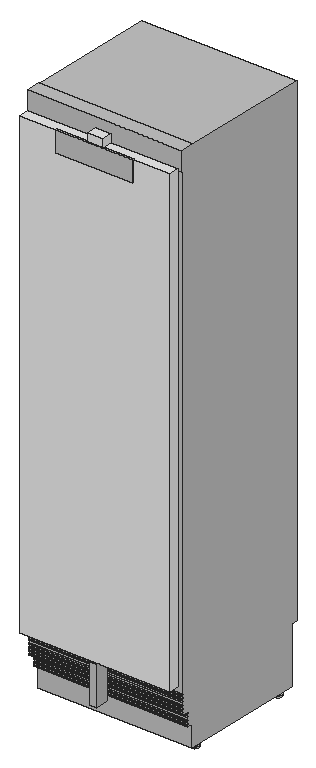
Revit family "FP_Revit_18_RS6121SRK1_Fridge_90001104A", category Specialty Equipment, Revit 2018
Family settings
  Round Connector Dimension = Use Diameter
  Part Type = Normal
  OmniClass Number = 23.40.40.11.11
  OmniClass Title = Refrigerators and Freezers
  Work Plane-Based = No
  Always vertical = Yes
  Cut with Voids When Loaded = Yes
  Shared = No
  Room Calculation Point = No
Parameters (values of type "RS6121SRK1")
  Visibility - Water Connection = no
  Visibility - Visibility Control Note = yes
  Visibility - Clearance Required = yes
  URL = "www.fisherpaykel.com"
  Stainless Steel Door Panels (RD6121R10D) = no
  Product - Width = 603 mm  # constant formula
  Product - Height = 2134 mm  # constant formula
  Product - Depth (exl front panel) = 610 mm  # constant formula
  Model = "RS6121SRK1"
  Material - Handle = Fisher & Paykel - Aluminium
  Material - Door Structure = Fisher & Paykel - White
  Material - Door Front = Fisher & Paykel - Stainless Steel
  Material - Body = Fisher & Paykel - Grey
  Manufacturer = "Fisher & Paykel Appliances"
  Handle Style - Contemporary Square (AHD3-RD21) = no
  Handle Style - Contemporary Round (AHS-RD21) = no
  Description = "61cm Integrated Column Refrigerator, stainless steel interior"
  Connector Description - Water = "Water Supply not required"
  Connector Description - Electrical = "230 V, 10 amp fused electrical supply"
  Cavity - Width = 610 mm  # constant formula
  Cavity - Height = 2134 mm  # constant formula
  Cavity - Depth = 650 mm  # constant formula
Types (3, lengths in mm): name | Visibility - Water Connection | Model | Description | Connector Description - Water
  (no name) | no | "RS6121SRK1" | "61cm Integrated Column Refrigerator, stainless steel interior" | "Water Supply not required"
  RS6121SRK1 | no | "RS6121SRK1" | "61cm Integrated Column Refrigerator, stainless steel interior" | "Water Supply not required"
  RS6121SRHK1 | yes | "RS6121SRHK1" | "61cm Integrated Column Refrigerator with internal water, stainless steel interior" | "1/2 BSP Stainless steel braided hose"
Reference planes
  plane 1 "Datum": y = 0
  plane 2: z = 0
  plane 3 "Center (Left/Right)": x = 0
  plane 4 "Product LHS": x = -301.5
  plane 5 "Product RHS": x = 301.5
  plane 6 "Product - Depth": y = 610
  plane 7 "Cavity LHS": x = -305
  plane 8 "Cavity RHS": x = 305
  plane 9 "Cavity - Depth": y = 628
  plane 10 "Handle Offset": x = -238.5
  plane 11 "Product Height": z = 2134
  plane 12 "Cavity Height": z = 2134
  plane 13 "Door Panel Datum": y = -4.1
Forms (mm)
  Extrusion 1, solid, material "Fisher & Paykel - Grey" <- "Material - Body", detail levels fine
    sketch origin (0, 0, 0) x (0, 1, 0) y (0, 0, 1)
      loop
        line (100.1, 19.1) -> (587.9, 19.1) -> (587.9, 239.7) -> (610, 239.7) -> (610, 2131.9) -> (105.1, 2131.9) -> (105.1, 2134) -> (49.9, 2134) -> (49.9, 2059) -> (56, 2059) -> (56, 228.6) -> (59.5, 228.6) -> (59.5, 219.7) -> (56.5, 219.7) -> (56.5, 215.9) -> (59.5, 215.9) -> (59.5, 207) -> (56.5, 207) -> (56.5, 203.2) -> (59.5, 203.2) -> (59.5, 194.3) -> (56.5, 194.3) -> (56.5, 190.5) -> (59.5, 190.5) -> (59.5, 181.6) -> (56.5, 181.6) -> (56.5, 177.8) -> (59.5, 177.8) -> (59.5, 168.9) -> (56.5, 168.9) -> (56.5, 165.1) -> (59.5, 165.1) -> (59.5, 156.2) -> (56.5, 156.2) -> (56.5, 152.4) -> (84.1, 152.4) -> (84.1, 143.5) -> (81.1, 143.5) -> (81.1, 139.7) -> (84.1, 139.7) -> (84.1, 130.8) -> (81.1, 130.8) -> (81.1, 127) -> (84.1, 127) -> (84.1, 118.1) -> (81.1, 118.1) -> (81.1, 114.3) -> (84.1, 114.3) -> (84.1, 105.4) -> (81.1, 105.4) -> (81.1, 101.6) -> (100.1, 101.6) -> (100.1, 19.1)
    from -301.5 to 301.5
  Extrusion 2, solid, material "Fisher & Paykel - Grey" <- "Material - Body"
    sketch origin (0, 0, 0) x (1, 0, 0) y (0, 1, 0)
      loop
        circle (-281, 547.8) r 4.1
      loop
        circle (-281, 141.8) r 4.1
      loop
        circle (281, 547.8) r 4.1
      loop
        circle (281, 141.8) r 4.1
    from 3 to 19.1
  Extrusion 3, solid, material "Fisher & Paykel - Grey" <- "Material - Body"
    sketch origin (0, 0, 0) x (1, 0, 0) y (0, 1, 0)
      loop
        circle (-281, 547.8) r 14.5
      loop
        circle (-281, 141.8) r 14.555
      loop
        circle (281, 547.8) r 14.5
      loop
        circle (281, 141.8) r 14.555
    from 0 to 3
  Extrusion 4, solid, material "Fisher & Paykel - Grey" <- "Material - Body", detail levels fine
    sketch origin (0, 0, 0) x (1, 0, 0) y (0, 1, 0)
      loop
        line (-7.5, 49) -> (-13.797, -4.1) -> (13.797, -4.1) -> (7.5, 49) -> (-7.5, 49)
    from 104.2 to 254.2
  Extrusion 5, solid, material "Fisher & Paykel - Grey" <- "Material - Body", not visible, detail levels fine
    sketch origin (0, 0, 0) x (1, 0, 0) y (0, 0, 1)
      loop
        line (289.9, 2123.15) -> (95.42, 2123.15) -> (95.42, 2081.05) -> (289.9, 2081.05) -> (289.9, 2123.15)
    from -49 to -2.5
  Extrusion 6, solid, material "Fisher & Paykel - Grey" <- "Material - Body", detail levels fine
    sketch origin (0, 0, 0) x (0, 1, 0) y (0, 0, 1)
      loop
        line (0, 2070.6) -> (0, 1988.6) -> (2, 1988.6) -> (2, 2068.6) -> (4, 2068.6) -> (4, 2070.6) -> (0, 2070.6)
    from -150 to 150
  Extrusion 7, solid, material "Fisher & Paykel - Grey" <- "Material - Body"
    sketch origin (0, 0, 0) x (1, 0, 0) y (0, 0, 1)
      loop
        circle (226.5, 119.813) r 5
      loop
        circle (-226.5, 119.813) r 5
    from -590 to -587.9
  Extrusion 8, solid, material "Fisher & Paykel - White" <- "Material - Door Structure"
    sketch origin (0, 0, 0) x (1, 0, 0) y (0, 1, 0)
      loop
        line (-276.5, 56) -> (-276.5, 42) -> (276.5, 42) -> (276.5, 56) -> (-276.5, 56)
    from 269.6 to 2030.7
  Extrusion 9, solid, material "Fisher & Paykel - White" <- "Material - Door Structure"
    sketch origin (0, 0, 0) x (1, 0, 0) y (0, 1, 0)
      loop
        line (-292.9, 42) -> (-292.9, 3) -> (292.9, 3) -> (292.9, 42) -> (-292.9, 42)
    from 254.2 to 2068.6
  Extrusion 10, solid, material "Fisher & Paykel - White" <- "Material - Door Structure", detail levels fine
    sketch origin (0, 0, 0) x (1, 0, 0) y (0, 0, 1)
      loop
        line (-29.5, 2100.1) -> (-29.5, 2068.6) -> (29.5, 2068.6) -> (29.5, 2100.1) -> (-29.5, 2100.1)
    from -42 to -3
  Extrusion 11, solid, material "Fisher & Paykel - Stainless Steel" <- "Material - Door Front", visible <- "Stainless Steel Door Panels (RD6121R10D)"
    sketch origin (0, 0, 0) x (0, 1, 0) y (0, 0, 1)
      loop
        line (-22.1, 2130.8) -> (-22.1, 102) -> (-4.1, 102) -> (-4.1, 2130.8) -> (-22.1, 2130.8)
    from -301.5 to 301.5
  Extrusion 12, solid, material "Fisher & Paykel - Grey" <- "Material - Body", detail levels coarse+medium
    sketch origin (0, 0, 0) x (0, 1, 0) y (0, 0, 1)
      loop
        line (49.9, 2134) -> (49.9, 2059) -> (56, 2059) -> (56, 152.4) -> (81.1, 152.4) -> (81.1, 101.6) -> (100.1, 101.6) -> (100.1, 19.1) -> (587.9, 19.1) -> (587.9, 239.7) -> (610, 239.7) -> (610, 2134) -> (49.9, 2134)
    from -301.5 to 301.5
  Extrusion 13, solid, material "Fisher & Paykel - Clearance Required", visible <- "Visibility - Clearance Required", detail levels coarse
    sketch origin (0, 0, 0) x (1, 0, 0) y (0, 1, 0)
      loop
        arc (-301.5, -22.1) -> (-13.376, -547.171) -> (584.28, -586.183) r 622.5
        line (584.28, -586.183) -> (565.051, -544.946) -> (589.549, -533.523)
        arc (589.549, -533.523) -> (598.013, -510.267) -> (574.757, -501.802) r 17.5
        line (574.757, -501.802) -> (550.259, -513.225) -> (329.441, -39.678)
        arc (329.441, -39.678) -> (310.616, -38.605) -> (301.5, -22.1) r 19.5
        line (301.5, -22.1) -> (-301.5, -22.1)
    from 0 to 2134
  Extrusion 14, solid, material "Fisher & Paykel - Grey" <- "Material - Body", not visible, detail levels fine
    sketch origin (0, 0, 0) x (1, 0, 0) y (0, 0, 1)
      loop
        line (289.9, 187.65) -> (289.9, 229.75) -> (95.42, 229.75) -> (95.42, 187.65) -> (289.9, 187.65)
    from -56 to -2.5
  Extrusion 15, solid, material "Fisher & Paykel - Grey" <- "Material - Body", detail levels fine
    sketch origin (0, 0, -4) x (0, 1, 0) y (0, 0, 1)
      loop
        arc (163.888, 23.1) -> (180.4, 13.63) -> (196.912, 23.1) r 19.13
        line (196.912, 23.1) -> (163.888, 23.1)
      loop
        arc (493.888, 23.1) -> (510.4, 13.63) -> (526.912, 23.1) r 19.13
        line (526.912, 23.1) -> (493.888, 23.1)
    from 191 to 219
  Extrusion 16, solid, material "Fisher & Paykel - Grey" <- "Material - Body", detail levels fine
    sketch origin (0, 0, -4) x (0, 1, 0) y (0, 0, -1)
      loop
        line (163.888, -23.1) -> (196.912, -23.1)
        arc (196.912, -23.1) -> (180.4, -13.63) -> (163.888, -23.1) r 19.13
      loop
        line (493.888, -23.1) -> (526.912, -23.1)
        arc (526.912, -23.1) -> (510.4, -13.63) -> (493.888, -23.1) r 19.13
    from 191 to 219
  Extrusion 17, solid, material "Fisher & Paykel - Clearance Required", visible <- "Visibility - Clearance Required", detail levels coarse
    sketch origin (0, 0, 0) x (1, 0, 0) y (0, 1, 0)
      loop
        line (-305, 628) -> (-305, -4.1) -> (305, -4.1) -> (305, 628) -> (-305, 628)
    from 0 to 2134
  Extrusion 18, void
    sketch origin (0, 0, 0) x (1, 0, 0) y (0, 1, 0)
      loop
        line (-305, 628) -> (-305, -22) -> (305, -22) -> (305, 628) -> (-305, 628)
    from 0 to 2134
  Extrusion 19, solid, material "Fisher & Paykel - Grey" <- "Material - Body", not visible, detail levels fine
    sketch origin (0, 0, 0) x (1, 0, 0) y (0, 0, 1)
      loop
        line (118.4, 254.2) -> (118.4, 229.75) -> (282.9, 229.75) -> (282.9, 254.2) -> (118.4, 254.2)
      loop
        line (106, 2081.05) -> (106, 2068.6) -> (282.9, 2068.6) -> (282.9, 2076.05) -> (242.9, 2081.05) -> (106, 2081.05)
    from -7 to -4
Lines and regions (mm)
  model lines, style "Fisher & Paykel"
    curve 1: line (-301.5, -4.1, 2130.8) -> (301.5, -4.1, 2130.8)
    curve 2: line (-301.5, -4.1, 102) -> (-301.5, -4.1, 2130.8)
    curve 3: line (301.5, -4.1, 102) -> (-301.5, -4.1, 102)
    curve 4: line (301.5, -4.1, 2130.8) -> (301.5, -4.1, 102)
Text (mm)
  text "Due to ongoing product development, product details are subject to change without notice. \nPlease always refer to www.fisherpaykel.com for the most current product information. \n© Fisher & Paykel 2020" at (41.04, -678.295, 0), in view "Ref. Level (Plan)"
Dimensions and locks
  equal spacing: plane 4 "Product LHS", plane 3 "Center (Left/Right)", plane 5 "Product RHS"
  "Product - Width": plane 4 "Product LHS" to plane 5 "Product RHS"
  "Product - Depth (exl front panel)": plane 1 "Datum" to plane 6 "Product - Depth"
  equal spacing: plane 7 "Cavity LHS", plane 3 "Center (Left/Right)", plane 8 "Cavity RHS"
  "Cavity - Width": plane 7 "Cavity LHS" to plane 8 "Cavity RHS"
  plane 4 "Product LHS" to Extrusion 2 sketch curve = 24.6 mm
  plane 4 "Product LHS" to plane 10 "Handle Offset" = 63 mm
  Extrusion 7 sketch curve to Extrusion 1 = 119.887 mm  (x2)
  Extrusion 7 sketch curve to plane 5 "Product RHS" = 75 mm
  plane 4 "Product LHS" to Extrusion 7 sketch curve = 75 mm
  Extrusion 1 sketch curve to Extrusion 1 sketch curve = 82.5 mm
  Extrusion 1 sketch curve to Extrusion 1 sketch curve = 209.5 mm
  Extrusion 3 to level = 3 mm
  Extrusion 12 to Extrusion 9 = 235.1 mm
  Extrusion 12 to Extrusion 8 = 250.5 mm
  Extrusion 12 to Extrusion 12 = 2114.9 mm
  Extrusion 12 to Extrusion 11 = 82.9 mm
  "Product - Height": level to plane 11 "Product Height"
  plane 11 "Product Height" to Extrusion 11 = 3.2 mm
  Extrusion 9 to plane 11 "Product Height" = 65.4 mm
  Extrusion 8 to plane 11 "Product Height" = 103.3 mm
  Extrusion 12 sketch curve to plane 11 "Product Height" = 75 mm
  Extrusion 1 sketch curve to plane 11 "Product Height" = 2.1 mm
  Extrusion 1 sketch curve to plane 11 "Product Height" = 75 mm
  "Cavity - Height": plane 12 "Cavity Height" to level
  plane 1 "Datum" to Extrusion 17 = 628 mm
  plane 1 "Datum" to Extrusion 18 = 628 mm
  Extrusion 19 sketch curve to Extrusion 19 sketch curve = 40 mm
  Extrusion 19 sketch curve to plane 3 "Center (Left/Right)" = 106 mm
  Extrusion 19 sketch curve to Extrusion 19 sketch curve = 176.9 mm
  Extrusion 19 sketch curve to plane 3 "Center (Left/Right)" = 118.4 mm
  plane 3 "Center (Left/Right)" to Extrusion 19 sketch curve = 282.9 mm
  "Cavity - Depth": Extrusion 18 to Extrusion 18
  Extrusion 18 to plane 1 "Datum" = 22 mm
  radius of Extrusion 7 sketch curve = 5 mm
  aligned and locked: level to plane 2
  aligned and locked: Extrusion 11 to plane 5 "Product RHS"
  aligned and locked: plane 4 "Product LHS" to Extrusion 11
  aligned and locked: Extrusion 12 to plane 5 "Product RHS"
  aligned and locked: Extrusion 12 to plane 4 "Product LHS"
  aligned and locked: Extrusion 12 sketch curve to plane 11 "Product Height"
  aligned and locked: plane 11 "Product Height" to Extrusion 1 sketch curve
  aligned and locked: Extrusion 15 sketch curve to Extrusion 15 sketch curve
  aligned and locked: Extrusion 16 sketch curve to Extrusion 16 sketch curve
  aligned and locked: Extrusion 17 to Extrusion 13
  aligned and locked: Extrusion 18 to Extrusion 13
  aligned and locked: Extrusion 1 to plane 5 "Product RHS"
  aligned and locked: plane 4 "Product LHS" to Extrusion 1
  aligned and locked: Extrusion 2 to Extrusion 1
  aligned and locked: nested 3 to plane 10 "Handle Offset"
  aligned and locked: nested 2 to plane 10 "Handle Offset"
Automatic sketch dimensions
  Extrusion 2 sketch curve to plane 4 "Product LHS" = 20.5 mm  (x2)
  plane 5 "Product RHS" to Extrusion 2 sketch curve = 20.5 mm  (x2)
  Extrusion 2 sketch curve to plane 1 "Datum" = 141.8 mm  (x2)
  Extrusion 2 sketch curve to plane 6 "Product - Depth" = 62.2 mm  (x2)
  Extrusion 3 sketch curve to plane 4 "Product LHS" = 20.5 mm  (x2)
  plane 5 "Product RHS" to Extrusion 3 sketch curve = 20.5 mm  (x2)
  Extrusion 3 sketch curve to plane 1 "Datum" = 141.8 mm  (x2)
  Extrusion 3 sketch curve to plane 6 "Product - Depth" = 62.2 mm  (x2)
  plane 1 "Datum" to Extrusion 4 sketch curve = 4.1 mm
  Extrusion 4 sketch curve to plane 3 "Center (Left/Right)" = 13.797 mm
  Extrusion 4 sketch curve to plane 3 "Center (Left/Right)" = 7.5 mm
  plane 3 "Center (Left/Right)" to Extrusion 4 sketch curve = 7.5 mm
  plane 3 "Center (Left/Right)" to Extrusion 4 sketch curve = 13.797 mm
  Extrusion 4 sketch curve to plane 1 "Datum" = 49 mm
  plane 11 "Product Height" to Extrusion 5 sketch curve = 10.85 mm
  plane 3 "Center (Left/Right)" to Extrusion 5 sketch curve = 95.42 mm
  plane 5 "Product RHS" to Extrusion 5 sketch curve = 11.6 mm
  Extrusion 5 sketch curve to Extrusion 5 sketch curve = 42.1 mm
  Extrusion 6 sketch curve to plane 1 "Datum" = 0 mm
  Extrusion 6 sketch curve to plane 1 "Datum" = 2 mm
  Extrusion 6 sketch curve to Extrusion 6 sketch curve = 2 mm  (x2)
  plane 11 "Product Height" to Extrusion 6 sketch curve = 145.4 mm
  plane 11 "Product Height" to Extrusion 6 sketch curve = 65.4 mm
  Extrusion 8 sketch curve to plane 4 "Product LHS" = 25 mm
  plane 5 "Product RHS" to Extrusion 8 sketch curve = 25 mm
  Extrusion 8 sketch curve to plane 1 "Datum" = 42 mm
  Extrusion 8 sketch curve to Extrusion 8 sketch curve = 14 mm
  Extrusion 9 sketch curve to plane 1 "Datum" = 3 mm
  Extrusion 9 sketch curve to plane 4 "Product LHS" = 8.6 mm
  plane 5 "Product RHS" to Extrusion 9 sketch curve = 8.6 mm
  Extrusion 9 sketch curve to Extrusion 9 sketch curve = 39 mm
  Extrusion 10 sketch curve to plane 3 "Center (Left/Right)" = 29.5 mm
  plane 3 "Center (Left/Right)" to Extrusion 10 sketch curve = 29.5 mm
  plane 11 "Product Height" to Extrusion 10 sketch curve = 65.4 mm
  Extrusion 10 sketch curve to Extrusion 10 sketch curve = 31.5 mm
  plane 1 "Datum" to Extrusion 11 sketch curve = 22.1 mm
  plane 1 "Datum" to Extrusion 11 sketch curve = 4.1 mm
  level to Extrusion 11 sketch curve = 102 mm
  plane 11 "Product Height" to Extrusion 11 sketch curve = 3.2 mm
  Extrusion 13 sketch curve to Extrusion 13 sketch curve = 0 mm  (x2)
  Extrusion 13 sketch curve to plane 4 "Product LHS" = 0 mm
  Extrusion 13 sketch curve to plane 5 "Product RHS" = 0 mm
  Extrusion 13 sketch curve to plane 8 "Cavity RHS" = 16 mm
  Extrusion 13 sketch curve to Extrusion 13 sketch curve = 8.441 mm
  Extrusion 13 sketch curve to plane 8 "Cavity RHS" = 245.259 mm
  Extrusion 13 sketch curve to Extrusion 13 sketch curve = 14.792 mm
  Extrusion 13 sketch curve to Extrusion 13 sketch curve = 24.498 mm
  Extrusion 13 sketch curve to Extrusion 13 sketch curve = 7.396 mm  (x2)
  Extrusion 13 sketch curve to Extrusion 13 sketch curve = 19.229 mm
  plane 1 "Datum" to Extrusion 13 sketch curve = 586.183 mm
  Extrusion 13 sketch curve to Extrusion 13 sketch curve = 41.237 mm
  Extrusion 13 sketch curve to Extrusion 13 sketch curve = 15.86 mm
  plane 3 "Center (Left/Right)" to Extrusion 14 sketch curve = 95.42 mm
  plane 5 "Product RHS" to Extrusion 14 sketch curve = 11.6 mm
  level to Extrusion 14 sketch curve = 187.65 mm
  Extrusion 14 sketch curve to Extrusion 14 sketch curve = 42.1 mm
  Extrusion 15 sketch curve to plane 1 "Datum" = 163.888 mm
  Extrusion 15 sketch curve to Extrusion 15 sketch curve = 16.512 mm  (x2)
  Extrusion 15 sketch curve to plane 6 "Product - Depth" = 116.112 mm
  Extrusion 15 sketch curve to Extrusion 15 sketch curve = 9.66 mm  (x2)
  Extrusion 16 sketch curve to plane 1 "Datum" = 163.888 mm
  Extrusion 16 sketch curve to Extrusion 16 sketch curve = 16.512 mm  (x2)
  Extrusion 16 sketch curve to plane 6 "Product - Depth" = 116.112 mm
  Extrusion 16 sketch curve to Extrusion 16 sketch curve = 9.66 mm  (x2)
  Extrusion 17 sketch curve to plane 7 "Cavity LHS" = 0 mm
  Extrusion 17 sketch curve to plane 8 "Cavity RHS" = 0 mm
  Extrusion 17 sketch curve to plane 9 "Cavity - Depth" = 0 mm
  plane 1 "Datum" to Extrusion 17 sketch curve = 4.1 mm
  Extrusion 18 sketch curve to plane 7 "Cavity LHS" = 0 mm
  Extrusion 18 sketch curve to plane 8 "Cavity RHS" = 0 mm
  plane 9 "Cavity - Depth" to Extrusion 18 sketch curve = 0 mm
  plane 1 "Datum" to Extrusion 18 sketch curve = 22 mm
  level to Extrusion 19 sketch curve = 229.75 mm
  Extrusion 19 sketch curve to Extrusion 19 sketch curve = 24.45 mm
  plane 11 "Product Height" to Extrusion 19 sketch curve = 65.4 mm
  Extrusion 19 sketch curve to Extrusion 19 sketch curve = 7.45 mm
  Extrusion 19 sketch curve to Extrusion 19 sketch curve = 5 mm
  Extrusion 12 sketch curve to plane 6 "Product - Depth" = 0 mm
  Extrusion 12 sketch curve to plane 6 "Product - Depth" = 22.1 mm
  Extrusion 12 sketch curve to plane 1 "Datum" = 100.1 mm
  Extrusion 12 sketch curve to Extrusion 12 sketch curve = 19 mm
  Extrusion 12 sketch curve to plane 1 "Datum" = 56 mm
  Extrusion 12 sketch curve to plane 1 "Datum" = 49.9 mm
  level to Extrusion 12 sketch curve = 152.4 mm
  Extrusion 12 sketch curve to Extrusion 12 sketch curve = 50.8 mm
  level to Extrusion 12 sketch curve = 19.1 mm
  Extrusion 12 sketch curve to Extrusion 12 sketch curve = 220.6 mm
  level to Extrusion 15 sketch curve = 19.1 mm
  level to Extrusion 16 sketch curve = 28.76 mm
  Extrusion 1 sketch curve to plane 6 "Product - Depth" = 0 mm
  Extrusion 1 sketch curve to Extrusion 1 sketch curve = 22.1 mm
  Extrusion 1 sketch curve to plane 1 "Datum" = 105.1 mm
  level to Extrusion 1 sketch curve = 19.1 mm
  Extrusion 1 sketch curve to plane 1 "Datum" = 100.1 mm
  Extrusion 1 sketch curve to Extrusion 1 sketch curve = 16 mm
  Extrusion 1 sketch curve to Extrusion 1 sketch curve = 0 mm  (x8)
  Extrusion 1 sketch curve to Extrusion 1 sketch curve = 3 mm  (x10)
  Extrusion 1 sketch curve to plane 1 "Datum" = 59.5 mm
  Extrusion 1 sketch curve to plane 1 "Datum" = 56 mm
  Extrusion 1 sketch curve to plane 1 "Datum" = 49.9 mm
  Extrusion 1 sketch curve to Extrusion 1 sketch curve = 3.8 mm  (x10)
  Extrusion 1 sketch curve to Extrusion 1 sketch curve = 8.9 mm  (x9)
  Extrusion 1 sketch curve to Extrusion 1 sketch curve = 220.6 mm
  plane 5 "Product RHS" to curve 1 = 0 mm
  plane 4 "Product LHS" to curve 3 = 0 mm
  level to curve 3 = 102 mm
  plane 11 "Product Height" to curve 2 = 3.2 mm
  radius of Extrusion 2 sketch curve = 4.1 mm  (x3)
  radius of Extrusion 3 sketch curve = 14.5 mm  (x2)
  radius of Extrusion 3 sketch curve = 14.555 mm  (x2)
  radius of Extrusion 7 sketch curve = 5 mm
Nested families
  nested 1: "Visibility Control Note 18" at (0, 0, 0), visible <- "Visibility - Visibility Control Note", type "Visibility Control Note 18"
  nested 2: "Handle Contemporary Round - Vertical" at (-238.5, -22.1, 1242.58), visible <- "Handle Style - Contemporary Round (AHS-RD21)", type "AHS-RD21 - Contemporary round handle (Vertical) 852mm"
  nested 3: "Handle Contemporary Square - Vertical" at (-238.5, -22.1, 1242.58), visible <- "Handle Style - Contemporary Square (AHD3-RD21)", type "AHD3-RD21 - Contemporary square handle (Vertical) 852mm"
Connectors
  electrical at (-226.5, 590, 119.813), driven by "Connector Description - Electrical"
    settings: on Extrusion 7, index 1, voltage 230 V, apparent load 0 VA, apparent load phase1 0 VA, apparent load phase2 0 VA, apparent load phase3 0 VA, power factor 1, load classification "Other", number of poles 1, system type 30, power factor state 1, is connector primary yes, connector utility no, sub classification motor no, connector description "230 V, 10 amp fused electrical supply"
  piping at (226.5, 590, 119.813), diameter 12.7, driven by "Connector Description - Water", driven by "Visibility - Water Connection"
    settings: on Extrusion 7, index 2, connector inside diameter 609.6 mm, connector length 0 mm, flow factor 0, pipe flow 0.0 L/s, pressure drop 0.0 Pa, fitting loss kfactor 0, connector angle 0.00°, fixture units 0, engagement length 0 mm, angle of deflection 0.00°, flow configuration 0, flow direction 1, fitting loss method 0, system type 20, joint type 0, gender type 0, connector reference index -1, connector utility 0, adjustable connector no, is connector primary yes, connector description "Water Supply not required"
Definition of nested family "Handle Contemporary Round - Vertical"
  Parameters (values of type "AHSRS80A - Contemporary round handle (1 of 2) (Vertical) 727mm")
    URL = "www.fisherpaykel.com"
    Material - Handle = none
    Manufacturer = "Fisher & Paykel Appliances"
    Handle - Length = 727 mm
  Types (6, lengths in mm): name | Handle - Length
    AHS-RD21 - Contemporary round handle (Vertical) 852mm | 852
    AHSRD2484W - Contemporary round handle (1 of 2) (Vertical) 727mm | 727
    AHSRD3084W - Contemporary round handle (1 of 2) (Vertical) 727mm | 727
    AHS-RD84 - Contemporary round handle (Vertical) 852mm | 852
    AHSRS3272A - Contemporary round handle (1 of 2) (Vertical) 727mm | 727
    AHSRS80A - Contemporary round handle (1 of 2) (Vertical) 727mm | 727
  Reference planes
    plane 1 "Center (Front/Back)": y = 0
    plane 2: z = 0
    plane 3 "Center (Left/Right)": x = 0
    plane 4 "Top": z = 363.5
    plane 5 "Bottom": z = -363.5
    plane 6 "Top Standoff": z = 243.5
    plane 7 "Bottom Standoff": z = -243.5
  Forms (mm)
    Extrusion 1, solid, material <- "Material - Handle"
      sketch origin (0, 0, 0) x (1, 0, 0) y (0, 1, 0)
        loop
          circle (0, -32.3) r 8.7
      from -243.5 to 243.5
    Extrusion 2, solid, material <- "Material - Handle", detail levels fine
      sketch origin (0, 0, 0) x (1, 0, 0) y (0, 1, 0)
        loop
          line (-8.7, 0) -> (-8.7, -32.3)
          arc (-8.7, -32.3) -> (0, -41) -> (8.7, -32.3) r 8.7
          line (8.7, -32.3) -> (8.7, 0) -> (-8.7, 0)
      from 243.5 to 363.5
    Extrusion 3, solid, material <- "Material - Handle", detail levels fine
      sketch origin (0, 0, 0) x (1, 0, 0) y (0, 1, 0)
        loop
          line (-8.7, 0) -> (-8.7, -32.3)
          arc (-8.7, -32.3) -> (0, -41) -> (8.7, -32.3) r 8.7
          line (8.7, -32.3) -> (8.7, 0) -> (-8.7, 0)
      from -363.5 to -243.5
    Sweep 4, void
      path in 3D
        loop
          line (8.7, 0, -363.5) -> (8.7, -32.3, -363.5)
          arc (8.7, -32.3, -363.5) -> (0, -41, -363.5) -> (-8.7, -32.3, -363.5) r 8.7
          line (-8.7, -32.3, -363.5) -> (-8.7, 0, -363.5)
      profile origin (8.7, -16.15, -363.5) x (-1, 0, 0) y (0, 0, -1)
        loop
          line (0, 0) -> (0, -1) -> (1, 0) -> (0, 0)
    Sweep 5, void
      path in 3D
        loop
          line (-8.7, 0, 363.5) -> (-8.7, -32.3, 363.5)
          arc (-8.7, -32.3, 363.5) -> (0, -41, 363.5) -> (8.7, -32.3, 363.5) r 8.7
          line (8.7, -32.3, 363.5) -> (8.7, 0, 363.5)
      profile origin (8.7, -16.15, 363.5) x (-1, 0, 0) y (0, 0, 1)
        loop
          line (0, 0) -> (0, -1) -> (1, 0) -> (0, 0)
    Extrusion 6, solid, material <- "Material - Handle", detail levels coarse+medium
      sketch origin (0, 0, 0) x (1, 0, 0) y (0, 1, 0)
        loop
          line (-8.7, 0) -> (-8.7, -32.3)
          arc (-8.7, -32.3) -> (0, -41) -> (8.7, -32.3) r 8.7
          line (8.7, -32.3) -> (8.7, 0) -> (-8.7, 0)
      from 243.5 to 363.5
    Extrusion 7, solid, material <- "Material - Handle", detail levels coarse+medium
      sketch origin (0, 0, 0) x (1, 0, 0) y (0, 1, 0)
        loop
          line (-8.7, 0) -> (-8.7, -32.3)
          arc (-8.7, -32.3) -> (0, -41) -> (8.7, -32.3) r 8.7
          line (8.7, -32.3) -> (8.7, 0) -> (-8.7, 0)
      from -363.5 to -243.5
  Cuts and joins
    Sweep 4 cuts Extrusion 3
    Sweep 5 cuts Extrusion 2
  Lines and regions (mm)
    sketch lines
      curve 1: line (8.7, 0, -363.5) -> (8.7, -32.3, -363.5)
      curve 2: arc (-8.7, -32.3, -363.5) -> (0, -41, -363.5) -> (8.7, -32.3, -363.5) r 8.7
      curve 3: line (-8.7, -32.3, -363.5) -> (-8.7, 0, -363.5)
      curve 4: line (8.7, -32.3, 363.5) -> (8.7, 0, 363.5)
      curve 5: arc (8.7, -32.3, 363.5) -> (0, -41, 363.5) -> (-8.7, -32.3, 363.5) r 8.7
      curve 6: line (-8.7, 0, 363.5) -> (-8.7, -32.3, 363.5)
  Dimensions and locks
    equal spacing: plane 4 "Top", level, plane 5 "Bottom"
    "Handle - Length": plane 4 "Top" to plane 5 "Bottom"
    locked: plane 4 "Top" to plane 6 "Top Standoff" at 120
    locked: plane 7 "Bottom Standoff" to plane 5 "Bottom" at 120
    Extrusion 2 sketch curve to Extrusion 2 sketch curve = 17.4 mm
    Extrusion 3 sketch curve to Extrusion 3 sketch curve = 17.4 mm
    Extrusion 6 sketch curve to Extrusion 6 sketch curve = 17.4 mm
    Extrusion 7 sketch curve to Extrusion 7 sketch curve = 17.4 mm
    aligned and locked: level to plane 2
    aligned and locked: plane 4 "Top" to Extrusion 2
    aligned and locked: Extrusion 3 to plane 5 "Bottom"
    aligned and locked: plane 7 "Bottom Standoff" to Extrusion 3
    aligned and locked: Extrusion 1 to plane 7 "Bottom Standoff"
    aligned and locked: plane 6 "Top Standoff" to Extrusion 1
    aligned and locked: Extrusion 2 to Extrusion 1
    aligned and locked: Extrusion 6 to Extrusion 1
    aligned and locked: plane 4 "Top" to Extrusion 6
    aligned and locked: Extrusion 7 to Extrusion 1
    aligned and locked: Extrusion 7 to plane 5 "Bottom"
  Automatic sketch dimensions
    Extrusion 1 sketch curve to plane 3 "Center (Left/Right)" = 0 mm
    plane 1 "Center (Front/Back)" to Extrusion 1 sketch curve = 32.3 mm
    plane 1 "Center (Front/Back)" to Extrusion 2 sketch curve = 0 mm
    Extrusion 2 sketch curve to plane 3 "Center (Left/Right)" = 0 mm
    Extrusion 2 sketch curve to plane 3 "Center (Left/Right)" = 8.7 mm
    plane 1 "Center (Front/Back)" to Extrusion 2 sketch curve = 32.3 mm
    plane 1 "Center (Front/Back)" to Extrusion 3 sketch curve = 0 mm
    Extrusion 3 sketch curve to plane 3 "Center (Left/Right)" = 0 mm
    Extrusion 3 sketch curve to plane 3 "Center (Left/Right)" = 8.7 mm
    plane 1 "Center (Front/Back)" to Extrusion 3 sketch curve = 32.3 mm
    Sweep 4 sketch curve to profile plane = 0 mm  (x2)
    Sweep 4 sketch curve to profile plane = 1 mm  (x2)
    Sweep 5 sketch curve to profile plane = 0 mm  (x2)
    Sweep 5 sketch curve to profile plane = 1 mm  (x2)
    Extrusion 6 sketch curve to plane 3 "Center (Left/Right)" = 0 mm
    Extrusion 6 sketch curve to plane 3 "Center (Left/Right)" = 8.7 mm
    plane 1 "Center (Front/Back)" to Extrusion 6 sketch curve = 32.3 mm
    Extrusion 6 sketch curve to Extrusion 6 sketch curve = 32.3 mm
    Extrusion 7 sketch curve to plane 3 "Center (Left/Right)" = 0 mm
    Extrusion 7 sketch curve to plane 3 "Center (Left/Right)" = 8.7 mm
    plane 1 "Center (Front/Back)" to Extrusion 7 sketch curve = 32.3 mm
    Extrusion 7 sketch curve to Extrusion 7 sketch curve = 32.3 mm
    radius of Extrusion 1 sketch curve = 8.7 mm
Definition of nested family "Handle Contemporary Square - Vertical"
  Parameters (values of type "AHD3RS80A - Contemporary square handle (1 of 2) (Vertical) 727mm")
    URL = "www.fisherpaykel.com"
    Material - Handle = none
    Manufacturer = "Fisher & Paykel Appliances"
    Handle - Length = 727 mm
  Types (7, lengths in mm): name | Handle - Length
    (no name) | 727
    AHD3-RD21 - Contemporary square handle (Vertical) 852mm | 852
    AHD3RD2484W - Contemporary square handle (1 of 2) (Vertical) 727mm | 727
    AHD3RD3084W - Contemporary square handle (1 of 2) (Vertical) 727mm | 727
    AHD3-RD84 - Contemporary square handle (Vertical) 852mm | 852
    AHD3RS3272A - Contemporary square handle (1 of 2) (Vertical) 727mm | 727
    AHD3RS80A - Contemporary square handle (1 of 2) (Vertical) 727mm | 727
  Reference planes
    plane 1 "Center (Front/Back)": y = 0
    plane 2: z = 0
    plane 3 "Center (Left/Right)": x = 0
    plane 4 "Top": z = 363.5
    plane 5 "Bottom": z = -363.5
    plane 6 "Top Standoff": z = 243.5
    plane 7 "Bottom Standoff": z = -243.5
  Forms (mm)
    Extrusion 1, solid, material <- "Material - Handle", detail levels fine
      sketch origin (0, 0, 0) x (1, 0, 0) y (0, 1, 0)
        loop
          arc (-7.583, -28.701) -> (-7.89, -29.057) -> (-8, -29.514) r 1
          line (-8, -29.514) -> (-8, -40.5)
          arc (-8, -40.5) -> (-7.561, -41.561) -> (-6.5, -42) r 1.5
          line (-6.5, -42) -> (6.5, -42)
          arc (6.5, -42) -> (7.561, -41.561) -> (8, -40.5) r 1.5
          line (8, -40.5) -> (8, -29.487)
          arc (8, -29.487) -> (7.889, -29.029) -> (7.58, -28.673) r 1
          arc (7.58, -28.673) -> (-0.006, -26.256) -> (-7.583, -28.701) r 13.038
      from -363.5 to 363.5
    Extrusion 2, solid, material <- "Material - Handle", detail levels fine
      sketch origin (0, 0, 0) x (1, 0, 0) y (0, 1, 0)
        loop
          arc (7.058, -28.23) -> (7.466, -28.244) -> (7.674, -27.893) r 0.4
          line (7.674, -27.893) -> (7.674, 0) -> (-7.674, 0) -> (-7.674, -27.86)
          arc (-7.674, -27.86) -> (-7.467, -28.21) -> (-7.06, -28.198) r 0.4
          arc (-7.06, -28.198) -> (0.004, -26.156) -> (7.058, -28.23) r 13.136
      from 243.5 to 363.5
    Extrusion 3, solid, material <- "Material - Handle", detail levels fine
      sketch origin (0, 0, 0) x (1, 0, 0) y (0, 1, 0)
        loop
          arc (7.058, -28.23) -> (7.466, -28.244) -> (7.674, -27.893) r 0.4
          line (7.674, -27.893) -> (7.674, 0) -> (-7.674, 0) -> (-7.674, -27.86)
          arc (-7.674, -27.86) -> (-7.467, -28.21) -> (-7.06, -28.198) r 0.4
          arc (-7.06, -28.198) -> (0.004, -26.156) -> (7.058, -28.23) r 13.136
      from -363.5 to -243.5
    Sweep 4, void
      path in 3D
        loop
          line (-8, -29.514, 363.5) -> (-8, -40.5, 363.5)
          arc (-8, -40.5, 363.5) -> (-7.561, -41.561, 363.5) -> (-6.5, -42, 363.5) r 1.5
          line (-6.5, -42, 363.5) -> (6.5, -42, 363.5)
          arc (6.5, -42, 363.5) -> (7.561, -41.561, 363.5) -> (8, -40.5, 363.5) r 1.5
          line (8, -40.5, 363.5) -> (8, -29.487, 363.5)
      profile origin (8, -34.994, 363.5) x (-1, 0, 0) y (0, 0, 1)
        loop
          line (0, 0) -> (0, -1.3) -> (1.3, 0) -> (0, 0)
    Sweep 5, void
      path in 3D
        loop
          line (8, -29.487, -363.5) -> (8, -40.5, -363.5)
          arc (8, -40.5, -363.5) -> (7.561, -41.561, -363.5) -> (6.5, -42, -363.5) r 1.5
          line (6.5, -42, -363.5) -> (-6.5, -42, -363.5)
          arc (-6.5, -42, -363.5) -> (-7.561, -41.561, -363.5) -> (-8, -40.5, -363.5) r 1.5
          line (-8, -40.5, -363.5) -> (-8, -29.514, -363.5)
      profile origin (8, -34.994, -363.5) x (-1, 0, 0) y (0, 0, -1)
        loop
          line (0, 0) -> (0, -1.3) -> (1.3, 0) -> (0, 0)
    Extrusion 6, void
      sketch origin (0, 0, 0) x (1, 0, 0) y (0, 0, 1)
        loop
          line (-8, -362.2) -> (-8, -363.5) -> (-6.7, -363.5) -> (-8, -362.2)
        loop
          line (8, -362.2) -> (6.7, -363.5) -> (8, -363.5) -> (8, -362.2)
      from 0 to 40
    Extrusion 7, void
      sketch origin (0, 0, 0) x (1, 0, 0) y (0, 0, 1)
        loop
          line (-8, 363.5) -> (-8, 362.2) -> (-6.7, 363.5) -> (-8, 363.5)
        loop
          line (8, 363.5) -> (6.7, 363.5) -> (8, 362.2) -> (8, 363.5)
      from 0 to 40
    Extrusion 8, solid, material <- "Material - Handle", detail levels coarse+medium
      sketch origin (0, 0, 0) x (0, 1, 0) y (0, 0, 1)
        loop
          line (0, 363.5) -> (-42, 363.5) -> (-42, -363.5) -> (0, -363.5) -> (0, -243.5) -> (-26.245, -243.5) -> (-26.245, 243.5) -> (0, 243.5) -> (0, 363.5)
      from -8 to 8
  Cuts and joins
    Sweep 4, Sweep 5, Extrusion 6, Extrusion 7 cuts Extrusion 1
    Extrusion 6 cuts Extrusion 3
    Extrusion 7 cuts Extrusion 2
  Lines and regions (mm)
    sketch lines
      curve 1: line (8, -40.5, 363.5) -> (8, -29.487, 363.5)
      curve 2: arc (8, -40.5, 363.5) -> (7.561, -41.561, 363.5) -> (6.5, -42, 363.5) r 1.5
      curve 3: line (-6.5, -42, 363.5) -> (6.5, -42, 363.5)
      curve 4: arc (-6.5, -42, 363.5) -> (-7.561, -41.561, 363.5) -> (-8, -40.5, 363.5) r 1.5
      curve 5: line (-8, -29.514, 363.5) -> (-8, -40.5, 363.5)
      curve 6: line (8, -29.487, -363.5) -> (8, -40.5, -363.5)
      curve 7: arc (6.5, -42, -363.5) -> (7.561, -41.561, -363.5) -> (8, -40.5, -363.5) r 1.5
      curve 8: line (6.5, -42, -363.5) -> (-6.5, -42, -363.5)
      curve 9: arc (-8, -40.5, -363.5) -> (-7.561, -41.561, -363.5) -> (-6.5, -42, -363.5) r 1.5
      curve 10: line (-8, -40.5, -363.5) -> (-8, -29.514, -363.5)
  Dimensions and locks
    equal spacing: plane 4 "Top", level, plane 5 "Bottom"
    "Handle - Length": plane 4 "Top" to plane 5 "Bottom"
    locked: plane 4 "Top" to plane 6 "Top Standoff" at 120
    locked: plane 7 "Bottom Standoff" to plane 5 "Bottom" at 120
    aligned and locked: level to plane 2
    aligned and locked: plane 4 "Top" to Extrusion 2
    aligned and locked: Extrusion 2 to plane 6 "Top Standoff"
    aligned and locked: plane 4 "Top" to Extrusion 1
    aligned and locked: Extrusion 1 to plane 5 "Bottom"
    aligned and locked: Extrusion 3 to plane 5 "Bottom"
    aligned and locked: plane 7 "Bottom Standoff" to Extrusion 3
    aligned and locked: plane 4 "Top" to Extrusion 8 sketch curve
    aligned and locked: plane 6 "Top Standoff" to Extrusion 8 sketch curve
    aligned and locked: plane 7 "Bottom Standoff" to Extrusion 8 sketch curve
    aligned and locked: plane 5 "Bottom" to Extrusion 8 sketch curve
    aligned and locked: plane 1 "Center (Front/Back)" to Extrusion 8 sketch curve  (x2)
  Automatic sketch dimensions
    Extrusion 1 sketch curve to plane 3 "Center (Left/Right)" = 8 mm
    Extrusion 1 sketch curve to Extrusion 1 sketch curve = 1 mm  (x2)
    Extrusion 1 sketch curve to Extrusion 1 sketch curve = 1.5 mm
    plane 3 "Center (Left/Right)" to Extrusion 1 sketch curve = 0.018 mm
    plane 3 "Center (Left/Right)" to Extrusion 1 sketch curve = 6.5 mm
    plane 3 "Center (Left/Right)" to Extrusion 1 sketch curve = 7 mm
    plane 1 "Center (Front/Back)" to Extrusion 1 sketch curve = 42 mm
    Extrusion 1 sketch curve to Extrusion 1 sketch curve = 1.206 mm
    Extrusion 1 sketch curve to Extrusion 1 sketch curve = 10.986 mm
    Extrusion 1 sketch curve to Extrusion 1 sketch curve = 11.013 mm
    Extrusion 1 sketch curve to Extrusion 1 sketch curve = 0 mm
    plane 1 "Center (Front/Back)" to Extrusion 2 sketch curve = 0 mm
    Extrusion 2 sketch curve to plane 3 "Center (Left/Right)" = 7.674 mm
    Extrusion 2 sketch curve to Extrusion 2 sketch curve = 0.4 mm  (x2)
    Extrusion 2 sketch curve to plane 3 "Center (Left/Right)" = 0.026 mm
    plane 3 "Center (Left/Right)" to Extrusion 2 sketch curve = 7.274 mm
    plane 1 "Center (Front/Back)" to Extrusion 2 sketch curve = 27.86 mm
    Extrusion 2 sketch curve to Extrusion 2 sketch curve = 0.033 mm
    Extrusion 2 sketch curve to Extrusion 2 sketch curve = 11.398 mm
    Extrusion 2 sketch curve to Extrusion 2 sketch curve = 0 mm
    plane 1 "Center (Front/Back)" to Extrusion 3 sketch curve = 0 mm
    Extrusion 3 sketch curve to Extrusion 3 sketch curve = 0.4 mm  (x2)
    Extrusion 3 sketch curve to Extrusion 3 sketch curve = 7.248 mm
    Extrusion 3 sketch curve to Extrusion 3 sketch curve = 7.3 mm
    plane 1 "Center (Front/Back)" to Extrusion 3 sketch curve = 27.86 mm
    Extrusion 3 sketch curve to Extrusion 3 sketch curve = 0.033 mm
    Extrusion 3 sketch curve to Extrusion 3 sketch curve = 11.398 mm
    Extrusion 3 sketch curve to Extrusion 3 sketch curve = 0 mm
    Sweep 4 sketch curve to profile plane = 0 mm  (x2)
    Sweep 4 sketch curve to profile plane = 1.3 mm  (x2)
    Sweep 5 sketch curve to profile plane = 0 mm  (x2)
    Sweep 5 sketch curve to profile plane = 1.3 mm  (x2)
    Extrusion 6 sketch curve to plane 5 "Bottom" = 0 mm  (x2)
    plane 5 "Bottom" to Extrusion 6 sketch curve = 1.3 mm  (x2)
    Extrusion 6 sketch curve to plane 3 "Center (Left/Right)" = 8 mm
    Extrusion 6 sketch curve to Extrusion 6 sketch curve = 1.3 mm  (x2)
    plane 3 "Center (Left/Right)" to Extrusion 6 sketch curve = 8 mm
    Extrusion 7 sketch curve to plane 4 "Top" = 0 mm  (x2)
    Extrusion 7 sketch curve to plane 3 "Center (Left/Right)" = 8 mm
    Extrusion 7 sketch curve to Extrusion 7 sketch curve = 1.3 mm  (x2)
    plane 3 "Center (Left/Right)" to Extrusion 7 sketch curve = 8 mm
    Extrusion 7 sketch curve to plane 4 "Top" = 1.3 mm  (x2)
    plane 1 "Center (Front/Back)" to Extrusion 8 sketch curve = 26.245 mm
    plane 1 "Center (Front/Back)" to Extrusion 8 sketch curve = 42 mm
    Extrusion 3 sketch curve to plane 3 "Center (Left/Right)" = 7.674 mm
Definition of nested family "Visibility Control Note 18"
  Types (3): name
    New
    Resolved
    Active
  Reference planes
    plane 1: y = 0
    plane 2: x = 0
  Text (mm)
    text "Edit Type: \nTo control handle kit \nand door panel visibility\n options\n\nDelete unwanted kits \nto reduce file size" at (-0.165, 35.556, 0)
